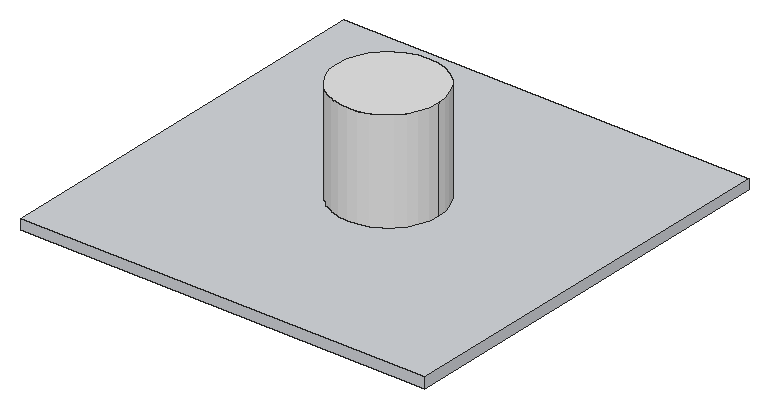
Revit family "4964000", category Aparatos sanitarios, Revit 2017
Family settings
  Anfitrión = Cara
  Cota de conector redondo = Diámetro de uso
  Tipo de pieza = Normal
  Número OmniClass = 23.45.55.14
  Título OmniClass = Single Faucets
  Corte con vacíos al cargar = No
  Compartido = No
  Punto de cálculo de habitación = No
Parameters (values of type "4964000")
  URL = "http://www.griferiasgalindo.com"
  Teléfono = "(+34) 915 782 575"
  TIPO DE AGUA = "Fria/Caliente"
  REFERENCIA = "4964000"
  Presión Máxima = "8 bar"
  PESO BRUTO = ""
  Modelo = "GRIFO DE LAVABO con desagüe"
  Material = LATON CROMADO
  Imagen de tipo = <Ninguno>
  Fabricante = "PRESTO IBÉRICA"
  Default Elevation = 1219.2 mm
  ENTRADA = "Latiguillos de 3/8\""
  Descripción = "Monomando lavabo"
  Código de montaje = "C1030220"
  Contacto = "info@prestoiberica.com"
  Conexión AF = yes
  Conexión AC = yes
  Comentarios de tipo = "Cartucho sellado mezclador con discos cerámicos de Ø 25 mm.  Suministrado con latiguillos flexibles de 3/8\" y longitud de 45 mm."
  CIERRE = "Manual"
  CAUDAL = ""
  Accionamiento = "Mediante maneta"
Reference planes
  plane 1 "Centro (Frontal/Posterior)": y = 0
  plane 2: z = 0
  plane 3 "Centro (Izquierda/Derecha)": x = 0
Forms (mm)
  Extrusion 1, solid
    sketch origin (0, 0, 0) x (1, 0, 0) y (0, 1, 0)
      loop
        line (-100, 100) -> (-100, -100) -> (100, -100) -> (100, 100) -> (-100, 100)
    from 0 to -5
  Extrusion 2, solid, material "LATON CROMADO"
    sketch origin (0, 0, 0) x (1, 0, 0) y (0, 1, 0)
      loop
        circle (-0.142, 2.473) r 25
    from 0 to 50
Dimensions and locks
  Extrusion 1 sketch curve to plane 1 "Centro (Frontal/Posterior)" = 100 mm
  aligned and locked: plane 2 to Extrusion 1
  aligned and locked: level to Extrusion 1
Connectors
  piping at (-0.142, 2.473, 0), diameter 9.5
    settings: on Extrusion 2, index 1, connector inside diameter 609.6 mm, connector length 0 mm, flow factor 0, pipe flow 0.0 L/s, pressure drop 0.0 Pa, fitting loss kfactor 0, connector angle 0.00°, fixture units 0, engagement length 0 mm, angle of deflection 0.00°, flow configuration 0, flow direction 1, fitting loss method 0, system type 7, joint type 0, gender type 0, connector reference index -1, connector utility 0, adjustable connector no, is connector primary yes, connector description ""
